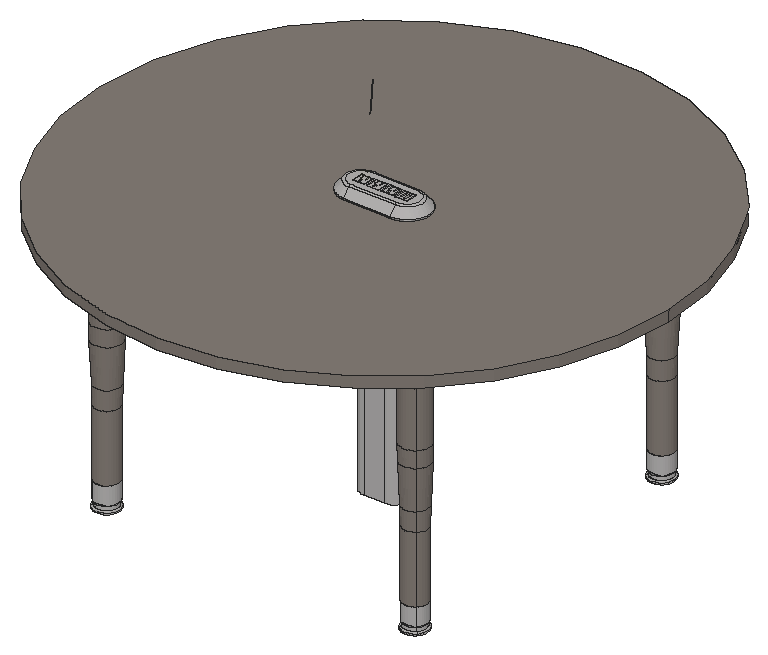
Revit family "Table-Teknion-Zones_ZNTWD-R2015", category Furniture, Revit 2015
Parameters (values of type "Table 54", with Power Pill")
  Width = 54"
  Warranty = "http://www.teknion.com/ca/papers/legal-canada"
  Voltage [instance] = if(and(not(With Center Light), not(With Power Pill)), 0 V, 120 V)  # 120 V
  URL = "http://www.teknion.com"
  Table Top Finish [instance] = Veneer - Teknion - BR - Greystone Beech
  Table Leg Wood Finish [instance] = Veneer - Teknion - BR - Greystone Beech
  Table Lamp Finish [instance] = Seamless Paint - Teknion - 25 - Crisp Grey
  Table Frame Finish [instance] = Seamless Paint - Teknion - 25 - Crisp Grey
  Table Diameter = 54"
  Sustainability Data = "http://www.teknion.com/ca/tools/assets#&asset=444deb64-fe58-4b68-981e-f75e97781df7,b4ff2d81-9f2e-437d-9659-7cffb09c31cf"
  Series = "Zones"
  Product Page URL = "http://www.teknion.com/pricing/Zones/pdfs/ZNTWD_ppg.pdf"
  Product Line = "Zones"
  Product Documentation Link = "http://www.teknion.com/ca/products/product-details?productLineId=b28c7a6e-8e7a-673b-a6c8-ff64004460c4"
  Power Pill Two Power Two USB Modules [instance] = no
  Power Pill Finish [instance] = Seamless Paint - Teknion - 25 - Crisp Grey
  With Power Pill = yes
  Part Number = "ZNTWD"
  Number of Poles = 1
  Model = "ZNTWD54P"
  Manufacturer Phone = "416-661-3370"
  Manufacturer Fax = "416.661.4586"
  Manufacturer Contact Information = "http://www.teknion.com/ca/contactus"
  Manufacturer Address = "1150 Flint Road, Toronto, ON. M3J 2J5. Canada"
  Manufacturer = "Teknion"  # constant formula
  With Center Light = no
  Height = 25"
  Description = "Round Dialogue Workshop Table, 54\"dia, with Center Pill Cut-Out"
  Depth = 54"
  Connector Description [instance] = if(and(not(With Center Light), not(With Power Pill)), "Without Power Connector", "Power Connector")  # "Power Connector"
  Cable Manager Visibility [instance] = and(or(With Power Pill, With Center Light), Cable Manager)  # yes
  Cable Manager [instance] = yes
  Assembly Code = "E2020200"
  Apparent Load [instance] = if(With Center Light, 21 VA, 0 VA)  # 0 VA
Reference planes (in)
  plane 1 "Center (Front/Back)": y = 0
  plane 2 "Bottom": z = 0
  plane 3 "Center (Left/Right)": x = 0
  plane 4 "Frame Left": x = -14.62964
  plane 5 "Frame Right": x = 14.62964
  plane 6 "Frame Back": y = 14.62695
  plane 7 "Frame Front": y = -14.62695
  plane 8 "Top": z = 25
  plane 9 "Frame": z = 24
  plane 10: y = 27
  plane 11: y = -27
  plane 12: x = -27
  plane 13: x = 27
Forms (in)
  Sweep 1, solid, material "Veneer - Teknion - BR - Greystone Beech" <- "Table Top Finish"
    path origin (0, 0, -4) x (1, 0, 0) y (0, 0, 1)
      loop
        line (0, 28) -> (0, 29)
    profile origin (0, 0, 24.5) x (-1, 0, 0) y (0, -1, 0)
      loop
        circle (0, 0) r 27
  Extrusion 2, void
    sketch origin (0, 0, 0) x (1, 0, 0) y (0, 1, 0)
      loop
        circle (0, 0) r 0.25
    from 0 to 0.5
Lines and regions (in)
  Masking region 1
    outline origin (0, 0, 25) x (-1, 0, 0) y (0, -1, 0)
      loop
        circle (0, 0) r 27
Dimensions and locks (in)
  equal spacing: plane 4 "Frame Left", plane 3 "Center (Left/Right)", plane 5 "Frame Right"
  equal spacing: plane 6 "Frame Back", plane 1 "Center (Front/Back)", plane 7 "Frame Front"
  "Height": plane 8 "Top" to plane 2 "Bottom"
  "Width": plane 12 to plane 13
  "Depth": plane 10 to plane 11
  equal spacing: plane 12, plane 3 "Center (Left/Right)", plane 13
  equal spacing: plane 10, plane 1 "Center (Front/Back)", plane 11
  locked: Sweep 1 to plane 2 "Bottom" at 24
  locked: Extrusion 2 to plane 2 "Bottom" at 0.5
  "Table Diameter": diameter of Sweep 1 sketch curve
  "Table Diameter": diameter of Masking region 1 sketch curve
  aligned and locked: level to plane 2 "Bottom"
  aligned and locked: plane 3 "Center (Left/Right)" to Sweep 1 sketch curve
  aligned and locked: plane 8 "Top" to Sweep 1 sketch curve
  aligned and locked: plane 9 "Frame" to Sweep 1 sketch curve
  aligned and locked: plane 1 "Center (Front/Back)" to Sweep 1 sketch curve
  aligned and locked: plane 3 "Center (Left/Right)" to nested 1
  aligned and locked: plane 1 "Center (Front/Back)" to nested 1
  aligned and locked: plane 3 "Center (Left/Right)" to nested 2
  aligned and locked: plane 1 "Center (Front/Back)" to nested 2
  aligned and locked: nested 1 to plane 8 "Top"
  aligned and locked: nested 3 to plane 1 "Center (Front/Back)"
  aligned and locked: plane 3 "Center (Left/Right)" to nested 3
  aligned and locked: plane 1 "Center (Front/Back)" to Extrusion 2 sketch curve
  aligned and locked: plane 3 "Center (Left/Right)" to Extrusion 2 sketch curve
  aligned and locked: Extrusion 2 to plane 2 "Bottom"
  aligned and locked: plane 8 "Top" to nested 2
  aligned and locked: plane 3 "Center (Left/Right)" to nested 4
  aligned and locked: nested 4 to plane 1 "Center (Front/Back)"
  aligned and locked: plane 9 "Frame" to nested 4
  aligned and locked: nested 4 to plane 2 "Bottom"
  aligned and locked: nested 4 to nested 4
  aligned and locked: plane 3 "Center (Left/Right)" to Masking region 1 sketch curve
  aligned and locked: plane 1 "Center (Front/Back)" to Masking region 1 sketch curve
  aligned and locked: plane 9 "Frame" to nested 3
  aligned and locked: plane 2 "Bottom" to nested 3
  aligned and locked: plane 6 "Frame Back" to nested 4
Automatic sketch dimensions
  Sweep 1 sketch curve to profile plane = 0"
  radius of Extrusion 2 sketch curve = 1/4"
Nested families (in)
  nested 1: "Accessory-Power_Pill-Teknion-Zones_ZNEP_Four_Modules-R2013" at (0, 0, 25), visible <- "With Power Pill", Power Pill Finish <- "Power Pill Finish", LA Modules <- "Power Pill Two Power Two USB Modules", type "4 Modules Power Pill"
    with Power Pill Finish Seamless Paint - Teknion - 25 - Crisp Grey, Outlet Offset 0", LB Modules yes, LA Modules no, Item Code "ZNEPLB120"
  nested 2: "Lighting_Fixture-Table_Lamp-Teknion-Zones_ZNETL-R2013" at (0, 0, 23.875), visible <- "With Center Light", Table Lamp Finish <- "Table Lamp Finish", type "Table Lamp"
    with Through-Mount no, Table Runner Offset 1 1/8", Table Runner yes, Table Lamp Finish Seamless Paint - Teknion - 25 - Crisp Grey, Item Code "ZNETL1"
  nested 3: "Table-Cable_Manager-Teknion-Zones_ZNEC-R2013" at (0, 0, 0) x (0, 1, 0) z (0, 0, 1), visible <- "Cable Manager Visibility", type "Cable Manager"
    with Square or Round Workshop yes, Rectangular Workshop no, Item Code "ZNECTS", Height 24"
  nested 4: "Support-Frame-Teknion-Zones_ZNTW-R2015" at (0, 0, 0), Table Frame Finish <- "Table Frame Finish", Table Leg Wood Finish <- "Table Leg Wood Finish", type "Frame 54""
    with Table Frame Finish Seamless Paint - Teknion - 25 - Crisp Grey
Connectors (in)
  electrical at (0, 0, 0), driven by "Voltage", driven by "Apparent Load", driven by "Connector Description", driven by "Number of Poles"
    settings: on Extrusion 2, index 1, voltage 120 V, apparent load 0 VA, apparent load phase1 0 VA, apparent load phase2 0 VA, apparent load phase3 0 VA, power factor 1, load classification "Other", number of poles 1, system type 31, power factor state 1, is connector primary yes, connector utility no, sub classification motor no, connector description "Power Connector"
Definition of nested family "Accessory-Power_Pill-Teknion-Zones_ZNEP_Four_Modules-R2013"
  Parameters (values of type "4 Modules Power Pill")
    Width = 8.53"
    Warranty = "http://www.teknion.com/ca/papers/legal-canada"
    URL = "http://www.teknion.com"
    Sustainability Data = "http://www.teknion.com/ca/tools/assets#&asset=444deb64-fe58-4b68-981e-f75e97781df7,b4ff2d81-9f2e-437d-9659-7cffb09c31cf"
    Series = "Zones"
    Product Page URL = "http://www.teknion.com/products/product-details?productLineId=b28c7a6e-8e7a-673b-a6c8-ff64004460c4"
    Product Line = "Zones"
    Product Documentation Link = "http://www.teknion.com/pricing/Zones/pdfs/ZNEP_ppg.pdf"
    Power Pill Finish [instance] = none
    Part Number = "ZNEP"
    Outlet Offset [instance] = if(LA Modules, 1.076", 0")  # 1.076"
    Model = "See Item Code"
    Manufacturer Phone = "416-661-3370"
    Manufacturer Fax = "416.661.4586"
    Manufacturer Contact Information = "http://www.teknion.com/ca/contactus"
    Manufacturer Address = "1150 Flint Road, Toronto, ON. M3J 2J5. Canada"
    Manufacturer = "Teknion"  # constant formula
    LB Modules [instance] = not(LA Modules)  # no
    LA Modules [instance] = yes
    Item Code [instance] = if(LA Modules, "ZNEPLA120", "ZNEPLB120")  # "ZNEPLA120"
    Height = 2.302"
    Description = "Power Pill, Four Modules, 120in Length Of Cord"
    Depth = 4.13"
    Cap Height = 0.92703"
    Auxiliary Width = Width - Depth  # 4.4"
    Assembly Code = "E2020200"
  Reference planes (in)
    plane 1 "Center F/B": y = 0
    plane 2: z = 0
    plane 3 "Center L/R": x = 0
    plane 4 "Left": x = -4.265
    plane 5 "Right": x = 4.265
    plane 6 "Back": y = 2.065
    plane 7 "Front": y = -2.065
    plane 8 "Top": z = 0.92703
    plane 9 "Bottom": z = -1.37497
    plane 10: x = -2.2
    plane 11: x = 2.2
    plane 12: y = 1.076
  Forms (in)
    Sweep 1, solid, material <- "Power Pill Finish"
      path origin (0, 0, 0) x (1, 0, 0) y (0, 0, 1)
        loop
          line (0, 0.92703) -> (0, 0)
      profile origin (0, 0, 0.46351) x (0, -1, 0) y (1, 0, 0)
        loop
          arc (-1.18092, -2.2) -> (0, -3.38092) -> (1.18092, -2.2) r 1.18092
          line (1.18092, -2.2) -> (1.18092, 2.2)
          arc (1.18092, 2.2) -> (0, 3.38092) -> (-1.18092, 2.2) r 1.18092
          line (-1.18092, 2.2) -> (-1.18092, -2.2)
    Sweep 2, solid, material <- "Power Pill Finish"
      path origin (0, 0, 0) x (1, 0, 0) y (0, 1, 0)
        loop
          line (2.2, 1.18092) -> (-2.2, 1.18092)
          arc (-2.2, 1.18092) -> (-3.38092, 0) -> (-2.2, -1.18092) r 1.18092
          line (-2.2, -1.18092) -> (2.2, -1.18092)
          arc (2.2, -1.18092) -> (3.38092, 0) -> (2.2, 1.18092) r 1.18092
      profile origin (0, 1.18092, 0) x (0, -1, 0) y (0, 0, 1)
        loop
          arc (-0.86961, 0.06433) -> (-0.8751, 0.02261) -> (-0.83962, 0) r 0.03916
          line (-0.83962, 0) -> (0, 0) -> (0, 0.92703)
          arc (0, 0.92703) -> (-0.13207, 0.89775) -> (-0.23939, 0.8154) r 0.3125
          line (-0.23939, 0.8154) -> (-0.86961, 0.06433)
    Sweep 3, void
      path origin (0, 0, 0) x (1, 0, 0) y (0, 0, 1)
        loop
          line (0, 0.92703) -> (0, 0.73803)
      profile origin (0, 0, 0.83253) x (0, -1, 0) y (1, 0, 0)
        loop
          arc (-0.55849, -2.55849) -> (-0.55117, -2.57617) -> (-0.53349, -2.58349) r 0.025
          line (-0.53349, -2.58349) -> (0.53349, -2.58349)
          arc (0.53349, -2.58349) -> (0.55117, -2.57617) -> (0.55849, -2.55849) r 0.025
          line (0.55849, -2.55849) -> (0.55849, -1.49151)
          arc (0.55849, -1.49151) -> (0.55117, -1.47383) -> (0.53349, -1.46651) r 0.025
          line (0.53349, -1.46651) -> (-0.53349, -1.46651)
          arc (-0.53349, -1.46651) -> (-0.55117, -1.47383) -> (-0.55849, -1.49151) r 0.025
          line (-0.55849, -1.49151) -> (-0.55849, -2.55849)
        loop
          arc (-0.55849, -1.20849) -> (-0.55117, -1.22617) -> (-0.53349, -1.23349) r 0.025
          line (-0.53349, -1.23349) -> (0.53349, -1.23349)
          arc (0.53349, -1.23349) -> (0.55117, -1.22617) -> (0.55849, -1.20849) r 0.025
          line (0.55849, -1.20849) -> (0.55849, -0.14151)
          arc (0.55849, -0.14151) -> (0.55117, -0.12383) -> (0.53349, -0.11651) r 0.025
          line (0.53349, -0.11651) -> (-0.53349, -0.11651)
          arc (-0.53349, -0.11651) -> (-0.55117, -0.12383) -> (-0.55849, -0.14151) r 0.025
          line (-0.55849, -0.14151) -> (-0.55849, -1.20849)
        loop
          arc (-0.55849, 0.14151) -> (-0.55117, 0.12383) -> (-0.53349, 0.11651) r 0.025
          line (-0.53349, 0.11651) -> (0.53349, 0.11651)
          arc (0.53349, 0.11651) -> (0.55117, 0.12383) -> (0.55849, 0.14151) r 0.025
          line (0.55849, 0.14151) -> (0.55849, 1.20849)
          arc (0.55849, 1.20849) -> (0.55117, 1.22617) -> (0.53349, 1.23349) r 0.025
          line (0.53349, 1.23349) -> (-0.53349, 1.23349)
          arc (-0.53349, 1.23349) -> (-0.55117, 1.22617) -> (-0.55849, 1.20849) r 0.025
          line (-0.55849, 1.20849) -> (-0.55849, 0.14151)
        loop
          arc (-0.55849, 1.49151) -> (-0.55117, 1.47383) -> (-0.53349, 1.46651) r 0.025
          line (-0.53349, 1.46651) -> (0.53349, 1.46651)
          arc (0.53349, 1.46651) -> (0.55117, 1.47383) -> (0.55849, 1.49151) r 0.025
          line (0.55849, 1.49151) -> (0.55849, 2.55849)
          arc (0.55849, 2.55849) -> (0.55117, 2.57617) -> (0.53349, 2.58349) r 0.025
          line (0.53349, 2.58349) -> (-0.53349, 2.58349)
          arc (-0.53349, 2.58349) -> (-0.55117, 2.57617) -> (-0.55849, 2.55849) r 0.025
          line (-0.55849, 2.55849) -> (-0.55849, 1.49151)
    Blend 4, solid, material <- "Power Pill Finish"
      base sketch origin (0, 0, 0) x (1, 0, 0) y (0, 1, 0)
        loop
          arc (-2.57873, 1.39373) -> (-2.79086, 1.30586) -> (-2.87873, 1.09373) r 0.3
          line (-2.87873, 1.09373) -> (-2.87873, -1.09373)
          arc (-2.87873, -1.09373) -> (-2.79086, -1.30586) -> (-2.57873, -1.39373) r 0.3
          line (-2.57873, -1.39373) -> (2.57873, -1.39373)
          arc (2.57873, -1.39373) -> (2.79086, -1.30586) -> (2.87873, -1.09373) r 0.3
          line (2.87873, -1.09373) -> (2.87873, 1.09373)
          arc (2.87873, 1.09373) -> (2.79086, 1.30586) -> (2.57873, 1.39373) r 0.3
          line (2.57873, 1.39373) -> (-2.57873, 1.39373)
      top sketch origin (0, 0, 0) x (1, 0, 0) y (0, 1, 0)
        loop
          arc (2.94673, 1.09373) -> (2.83895, 1.35395) -> (2.57873, 1.46173) r 0.368
          line (2.57873, 1.46173) -> (-2.57873, 1.46173)
          arc (-2.57873, 1.46173) -> (-2.83895, 1.35395) -> (-2.94673, 1.09373) r 0.368
          line (-2.94673, 1.09373) -> (-2.94673, -1.09373)
          arc (-2.94673, -1.09373) -> (-2.83895, -1.35395) -> (-2.57873, -1.46173) r 0.368
          line (-2.57873, -1.46173) -> (2.57873, -1.46173)
          arc (2.57873, -1.46173) -> (2.83895, -1.35395) -> (2.94673, -1.09373) r 0.368
          line (2.94673, -1.09373) -> (2.94673, 1.09373)
      from -1.37497 to 0.61534
    Sweep 5, void
      path origin (0, 0, 0) x (0, 1, 0) y (0, 0, 1)
        loop
          line (0, -1.12497) -> (0, -1.37497)
      profile origin (0, 0, -1.24997) x (1, 0, 0) y (0, 1, 0)
        loop
          arc (-0.33, -0.17812) -> (0, -0.375) -> (0.33, -0.17812) r 0.375
          line (0.33, -0.17812) -> (0.33, 0.17812)
          arc (0.33, 0.17812) -> (0, 0.375) -> (-0.33, 0.17812) r 0.375
          line (-0.33, 0.17812) -> (-0.33, -0.17812)
    Sweep 6, solid, material <- "Power Pill Finish"
      path origin (0, 0, 0) x (1, 0, 0) y (0, 0, 1)
        loop
          line (0, 0.92703) -> (0, 0.73803)
      profile origin (0, 0, 0.83253) x (0, -1, 0) y (1, 0, 0)
        loop
          line (-0.525, -1.5398) -> (-0.525, -2.5102)
          arc (-0.525, -2.5102) -> (-0.51328, -2.53848) -> (-0.485, -2.5502) r 0.04
          line (-0.485, -2.5502) -> (0.485, -2.5502)
          arc (0.485, -2.5502) -> (0.51328, -2.53848) -> (0.525, -2.5102) r 0.04
          line (0.525, -2.5102) -> (0.525, -1.5398)
          arc (0.525, -1.5398) -> (0.51328, -1.51152) -> (0.485, -1.4998) r 0.04
          line (0.485, -1.4998) -> (-0.485, -1.4998)
          arc (-0.485, -1.4998) -> (-0.51328, -1.51152) -> (-0.525, -1.5398) r 0.04
        loop
          line (-0.525, -0.18153) -> (-0.525, -1.16846)
          arc (-0.525, -1.16846) -> (-0.51328, -1.19675) -> (-0.485, -1.20846) r 0.04
          line (-0.485, -1.20846) -> (0.485, -1.20846)
          arc (0.485, -1.20846) -> (0.51328, -1.19675) -> (0.525, -1.16846) r 0.04
          line (0.525, -1.16846) -> (0.525, -0.18153)
          arc (0.525, -0.18153) -> (0.51328, -0.15325) -> (0.485, -0.14153) r 0.04
          line (0.485, -0.14153) -> (-0.485, -0.14153)
          arc (-0.485, -0.14153) -> (-0.51328, -0.15325) -> (-0.525, -0.18153) r 0.04
        loop
          line (0.525, 0.18154) -> (0.525, 1.16847)
          arc (0.525, 1.16847) -> (0.51328, 1.19675) -> (0.485, 1.20847) r 0.04
          line (0.485, 1.20847) -> (-0.485, 1.20847)
          arc (-0.485, 1.20847) -> (-0.51328, 1.19675) -> (-0.525, 1.16847) r 0.04
          line (-0.525, 1.16847) -> (-0.525, 0.18154)
          arc (-0.525, 0.18154) -> (-0.51328, 0.15325) -> (-0.485, 0.14154) r 0.04
          line (-0.485, 0.14154) -> (0.485, 0.14154)
          arc (0.485, 0.14154) -> (0.51328, 0.15325) -> (0.525, 0.18154) r 0.04
        loop
          line (-0.525, 2.5102) -> (-0.525, 1.5398)
          arc (-0.525, 1.5398) -> (-0.51328, 1.51152) -> (-0.485, 1.4998) r 0.04
          line (-0.485, 1.4998) -> (0.485, 1.4998)
          arc (0.485, 1.4998) -> (0.51328, 1.51152) -> (0.525, 1.5398) r 0.04
          line (0.525, 1.5398) -> (0.525, 2.5102)
          arc (0.525, 2.5102) -> (0.51328, 2.53848) -> (0.485, 2.5502) r 0.04
          line (0.485, 2.5502) -> (-0.485, 2.5502)
          arc (-0.485, 2.5502) -> (-0.51328, 2.53848) -> (-0.525, 2.5102) r 0.04
    Sweep 7, void
      path origin (0, 0, 0) x (1, 0, 0) y (0, 0, 1)
        loop
          line (0, 0.92703) -> (0, 0)
      profile origin (0, 0, 0.46351) x (0, -1, 0) y (1, 0, 0)
        loop
          line (-1.47143, -0.95886) -> (-1.12261, -0.95886) -> (-1.12261, -0.88681) -> (-1.47143, -0.88681) -> (-1.47143, -0.95886)
        loop
          line (-1.43206, -0.40768) -> (-1.43206, -0.47972) -> (-1.16198, -0.47972) -> (-1.16198, -0.40768) -> (-1.43206, -0.40768)
        loop
          line (-0.72261, -0.78681) -> (-0.72261, -0.57972) -> (-0.82615, -0.57972)
          arc (-0.82615, -0.57972) -> (-0.92969, -0.68327) -> (-0.82615, -0.78681) r 0.10354
          line (-0.82615, -0.78681) -> (-0.72261, -0.78681)
        loop
          line (-1.47143, 0.39114) -> (-1.12261, 0.39114) -> (-1.12261, 0.46319) -> (-1.47143, 0.46319) -> (-1.47143, 0.39114)
        loop
          line (-1.43206, 0.94232) -> (-1.43206, 0.87028) -> (-1.16198, 0.87028) -> (-1.16198, 0.94232) -> (-1.43206, 0.94232)
        loop
          line (-0.72261, 0.56319) -> (-0.72261, 0.77028) -> (-0.82615, 0.77028)
          arc (-0.82615, 0.77028) -> (-0.92969, 0.66673) -> (-0.82615, 0.56319) r 0.10354
          line (-0.82615, 0.56319) -> (-0.72261, 0.56319)
        loop
          line (-0.81346, 1.95906) -> (-1.33117, 1.95906) -> (-1.33117, 1.73662) -> (-0.81346, 1.73662) -> (-0.81346, 1.95906)
        loop
          line (-1.33117, 2.31339) -> (-1.33117, 2.09095) -> (-0.81346, 2.09095) -> (-0.81346, 2.31339) -> (-1.33117, 2.31339)
        loop
          line (-0.39543, -2.22991) -> (-0.39543, -2.30196) -> (-0.04661, -2.30196) -> (-0.04661, -2.22991) -> (-0.39543, -2.22991)
        loop
          line (-0.35606, -1.82282) -> (-0.08598, -1.82282) -> (-0.08598, -1.75078) -> (-0.35606, -1.75078) -> (-0.35606, -1.82282)
        loop
          line (0.35339, -2.12991) -> (0.35339, -1.92282) -> (0.24985, -1.92282)
          arc (0.24985, -1.92282) -> (0.14631, -2.02637) -> (0.24985, -2.12991) r 0.10354
          line (0.24985, -2.12991) -> (0.35339, -2.12991)
        loop
          line (-0.25517, -0.74231) -> (-0.25517, -0.96475) -> (0.26254, -0.96475) -> (0.26254, -0.74231) -> (-0.25517, -0.74231)
        loop
          line (-0.25517, -0.38798) -> (-0.25517, -0.61042) -> (0.26254, -0.61042) -> (0.26254, -0.38798) -> (-0.25517, -0.38798)
        loop
          line (0.26254, 0.60769) -> (-0.25517, 0.60769) -> (-0.25517, 0.38525) -> (0.26254, 0.38525) -> (0.26254, 0.60769)
        loop
          line (0.26254, 0.73958) -> (0.26254, 0.96202) -> (-0.25517, 0.96202) -> (-0.25517, 0.73958) -> (0.26254, 0.73958)
        loop
          line (-0.39543, 1.81182) -> (-0.39543, 1.73978) -> (-0.04661, 1.73978) -> (-0.04661, 1.81182) -> (-0.39543, 1.81182)
        loop
          line (-0.35606, 2.29096) -> (-0.35606, 2.21891) -> (-0.08598, 2.21891) -> (-0.08598, 2.29096) -> (-0.35606, 2.29096)
        loop
          line (0.35339, 1.91182) -> (0.35339, 2.11891) -> (0.24985, 2.11891)
          arc (0.24985, 2.11891) -> (0.14631, 2.01537) -> (0.24985, 1.91182) r 0.10354
          line (0.24985, 1.91182) -> (0.35339, 1.91182)
  Cuts and joins
    Sweep 3 cuts Sweep 1
    Sweep 3 cuts Sweep 2
    Sweep 5 cuts Blend 4
    joined: Sweep 1, Sweep 2, Blend 4
    Sweep 7 cuts Sweep 6
  Lines and regions (in)
    Masking region 1
      outline origin (0, 0, 0.92703) x (-1, 0, 0) y (0, -1, 0)
        loop
          arc (2.2, -2.065) -> (4.265, 0) -> (2.2, 2.065) r 2.065
          line (2.2, 2.065) -> (-2.2, 2.065)
          arc (-2.2, 2.065) -> (-4.265, 0) -> (-2.2, -2.065) r 2.065
          line (-2.2, -2.065) -> (2.2, -2.065)
    symbolic lines
      curve 1: line (-1.49151, 0.55849, 0.92703) -> (-2.55849, 0.55849, 0.92703)
      curve 2: arc (-2.55849, 0.55849, 0.92703) -> (-2.57617, 0.55117, 0.92703) -> (-2.58349, 0.53349, 0.92703) r 0.025
      curve 3: line (-2.58349, 0.53349, 0.92703) -> (-2.58349, -0.53349, 0.92703)
      curve 4: arc (-2.58349, -0.53349, 0.92703) -> (-2.57617, -0.55117, 0.92703) -> (-2.55849, -0.55849, 0.92703) r 0.025
      curve 5: line (-2.55849, -0.55849, 0.92703) -> (-1.49151, -0.55849, 0.92703)
      curve 6: arc (-1.49151, -0.55849, 0.92703) -> (-1.47383, -0.55117, 0.92703) -> (-1.46651, -0.53349, 0.92703) r 0.025
      curve 7: line (-1.46651, -0.53349, 0.92703) -> (-1.46651, 0.53349, 0.92703)
      curve 8: arc (-1.46651, 0.53349, 0.92703) -> (-1.47383, 0.55117, 0.92703) -> (-1.49151, 0.55849, 0.92703) r 0.025
      curve 9: line (-0.14151, 0.55849, 0.92703) -> (-1.20849, 0.55849, 0.92703)
      curve 10: arc (-1.20849, 0.55849, 0.92703) -> (-1.22617, 0.55117, 0.92703) -> (-1.23349, 0.53349, 0.92703) r 0.025
      curve 11: line (-1.23349, 0.53349, 0.92703) -> (-1.23349, -0.53349, 0.92703)
      curve 12: arc (-1.23349, -0.53349, 0.92703) -> (-1.22617, -0.55117, 0.92703) -> (-1.20849, -0.55849, 0.92703) r 0.025
      curve 13: line (-1.20849, -0.55849, 0.92703) -> (-0.14151, -0.55849, 0.92703)
      curve 14: arc (-0.14151, -0.55849, 0.92703) -> (-0.12383, -0.55117, 0.92703) -> (-0.11651, -0.53349, 0.92703) r 0.025
      curve 15: line (-0.11651, -0.53349, 0.92703) -> (-0.11651, 0.53349, 0.92703)
      curve 16: arc (-0.11651, 0.53349, 0.92703) -> (-0.12383, 0.55117, 0.92703) -> (-0.14151, 0.55849, 0.92703) r 0.025
      curve 17: line (1.20849, 0.55849, 0.92703) -> (0.14151, 0.55849, 0.92703)
      curve 18: arc (0.14151, 0.55849, 0.92703) -> (0.12383, 0.55117, 0.92703) -> (0.11651, 0.53349, 0.92703) r 0.025
      curve 19: line (0.11651, 0.53349, 0.92703) -> (0.11651, -0.53349, 0.92703)
      curve 20: arc (0.11651, -0.53349, 0.92703) -> (0.12383, -0.55117, 0.92703) -> (0.14151, -0.55849, 0.92703) r 0.025
      curve 21: line (0.14151, -0.55849, 0.92703) -> (1.20849, -0.55849, 0.92703)
      curve 22: arc (1.20849, -0.55849, 0.92703) -> (1.22617, -0.55117, 0.92703) -> (1.23349, -0.53349, 0.92703) r 0.025
      curve 23: line (1.23349, -0.53349, 0.92703) -> (1.23349, 0.53349, 0.92703)
      curve 24: arc (1.23349, 0.53349, 0.92703) -> (1.22617, 0.55117, 0.92703) -> (1.20849, 0.55849, 0.92703) r 0.025
      curve 25: line (2.55849, 0.55849, 0.92703) -> (1.49151, 0.55849, 0.92703)
      curve 26: arc (1.49151, 0.55849, 0.92703) -> (1.47383, 0.55117, 0.92703) -> (1.46651, 0.53349, 0.92703) r 0.025
      curve 27: line (1.46651, 0.53349, 0.92703) -> (1.46651, -0.53349, 0.92703)
      curve 28: arc (1.46651, -0.53349, 0.92703) -> (1.47383, -0.55117, 0.92703) -> (1.49151, -0.55849, 0.92703) r 0.025
      curve 29: line (1.49151, -0.55849, 0.92703) -> (2.55849, -0.55849, 0.92703)
      curve 30: arc (2.55849, -0.55849, 0.92703) -> (2.57617, -0.55117, 0.92703) -> (2.58349, -0.53349, 0.92703) r 0.025
      curve 31: line (2.58349, -0.53349, 0.92703) -> (2.58349, 0.53349, 0.92703)
      curve 32: arc (2.58349, 0.53349, 0.92703) -> (2.57617, 0.55117, 0.92703) -> (2.55849, 0.55849, 0.92703) r 0.025
    symbolic lines, detail levels medium+fine
      curve 33: arc (-2.2, 1.181, 0.92703) -> (-3.381, 0, 0.92703) -> (-2.2, -1.181, 0.92703) r 1.181
      curve 34: line (-2.2, 1.181, 0.92703) -> (2.2, 1.181, 0.92703)
      curve 35: line (-2.2, -1.181, 0.92703) -> (2.2, -1.181, 0.92703)
      curve 36: arc (2.2, 1.181, 0.92703) -> (3.381, 0, 0.92703) -> (2.2, -1.181, 0.92703) r 1.181
    symbolic lines, detail levels fine
      curve 37: line (-2.22991, 0.39543, 0.92703) -> (-2.30196, 0.39543, 0.92703)
      curve 38: line (-2.30196, 0.39543, 0.92703) -> (-2.30196, 0.04661, 0.92703)
      curve 39: line (-2.22991, 0.04661, 0.92703) -> (-2.22991, 0.39543, 0.92703)
      curve 40: line (-2.30196, 0.04661, 0.92703) -> (-2.22991, 0.04661, 0.92703)
      curve 41: line (-2.12991, -0.35339, 0.92703) -> (-1.92282, -0.35339, 0.92703)
      curve 42: line (-2.12991, -0.24985, 0.92703) -> (-2.12991, -0.35339, 0.92703)
      curve 43: line (-1.92282, -0.35339, 0.92703) -> (-1.92282, -0.24985, 0.92703)
      curve 44: arc (-1.92282, -0.24985, 0.92703) -> (-2.02637, -0.14631, 0.92703) -> (-2.12991, -0.24985, 0.92703) r 0.10354
      curve 45: line (-1.82282, 0.08598, 0.92703) -> (-1.75078, 0.08598, 0.92703)
      curve 46: line (-1.82282, 0.35606, 0.92703) -> (-1.82282, 0.08598, 0.92703)
      curve 47: line (-1.75078, 0.35606, 0.92703) -> (-1.82282, 0.35606, 0.92703)
      curve 48: line (-1.75078, 0.08598, 0.92703) -> (-1.75078, 0.35606, 0.92703)
      curve 109: line (-1.5398, 0.525, 0.92703) -> (-2.5102, 0.525, 0.92703)
      curve 110: arc (-1.4998, 0.485, 0.92703) -> (-1.51152, 0.51328, 0.92703) -> (-1.5398, 0.525, 0.92703) r 0.04
      curve 111: line (-1.4998, -0.485, 0.92703) -> (-1.4998, 0.485, 0.92703)
      curve 112: arc (-1.5398, -0.525, 0.92703) -> (-1.51152, -0.51328, 0.92703) -> (-1.4998, -0.485, 0.92703) r 0.04
      curve 113: line (-2.5102, -0.525, 0.92703) -> (-1.5398, -0.525, 0.92703)
      curve 114: arc (-2.5502, -0.485, 0.92703) -> (-2.53848, -0.51328, 0.92703) -> (-2.5102, -0.525, 0.92703) r 0.04
      curve 115: line (-2.5502, 0.485, 0.92703) -> (-2.5502, -0.485, 0.92703)
      curve 116: arc (-2.5102, 0.525, 0.92703) -> (-2.53848, 0.51328, 0.92703) -> (-2.5502, 0.485, 0.92703) r 0.04
      curve 117: arc (-1.16846, 0.525, 0.92703) -> (-1.19675, 0.51328, 0.92703) -> (-1.20846, 0.485, 0.92703) r 0.04
      curve 118: line (-0.18153, 0.525, 0.92703) -> (-1.16846, 0.525, 0.92703)
      curve 119: line (-1.20846, 0.485, 0.92703) -> (-1.20846, -0.485, 0.92703)
      curve 120: arc (-0.14153, 0.485, 0.92703) -> (-0.15325, 0.51328, 0.92703) -> (-0.18153, 0.525, 0.92703) r 0.04
      curve 121: arc (-1.20846, -0.485, 0.92703) -> (-1.19675, -0.51328, 0.92703) -> (-1.16846, -0.525, 0.92703) r 0.04
      curve 122: line (-1.16846, -0.525, 0.92703) -> (-0.18153, -0.525, 0.92703)
      curve 123: arc (-0.18153, -0.525, 0.92703) -> (-0.15325, -0.51328, 0.92703) -> (-0.14153, -0.485, 0.92703) r 0.04
      curve 124: line (-0.14153, -0.485, 0.92703) -> (-0.14153, 0.485, 0.92703)
      curve 125: arc (0.18154, 0.525, 0.92703) -> (0.15325, 0.51328, 0.92703) -> (0.14154, 0.485, 0.92703) r 0.04
      curve 126: line (1.16847, 0.525, 0.92703) -> (0.18154, 0.525, 0.92703)
      curve 127: arc (1.20847, 0.485, 0.92703) -> (1.19675, 0.51328, 0.92703) -> (1.16847, 0.525, 0.92703) r 0.04
      curve 128: line (1.20847, -0.485, 0.92703) -> (1.20847, 0.485, 0.92703)
      curve 129: arc (1.16847, -0.525, 0.92703) -> (1.19675, -0.51328, 0.92703) -> (1.20847, -0.485, 0.92703) r 0.04
      curve 130: line (0.18154, -0.525, 0.92703) -> (1.16847, -0.525, 0.92703)
      curve 131: arc (0.14154, -0.485, 0.92703) -> (0.15325, -0.51328, 0.92703) -> (0.18154, -0.525, 0.92703) r 0.04
      curve 132: line (0.14154, 0.485, 0.92703) -> (0.14154, -0.485, 0.92703)
      curve 133: arc (1.5398, 0.525, 0.92703) -> (1.51152, 0.51328, 0.92703) -> (1.4998, 0.485, 0.92703) r 0.04
      curve 134: line (2.5102, 0.525, 0.92703) -> (1.5398, 0.525, 0.92703)
      curve 135: arc (2.5502, 0.485, 0.92703) -> (2.53848, 0.51328, 0.92703) -> (2.5102, 0.525, 0.92703) r 0.04
      curve 136: line (2.5502, -0.485, 0.92703) -> (2.5502, 0.485, 0.92703)
      curve 137: arc (2.5102, -0.525, 0.92703) -> (2.53848, -0.51328, 0.92703) -> (2.5502, -0.485, 0.92703) r 0.04
      curve 138: line (1.5398, -0.525, 0.92703) -> (2.5102, -0.525, 0.92703)
      curve 139: arc (1.4998, -0.485, 0.92703) -> (1.51152, -0.51328, 0.92703) -> (1.5398, -0.525, 0.92703) r 0.04
      curve 140: line (1.4998, 0.485, 0.92703) -> (1.4998, -0.485, 0.92703)
    symbolic lines, visible <- "LA Modules", detail levels fine
      curve 49: line (-0.96475, -0.26254, 0.92703) -> (-0.74231, -0.26254, 0.92703)
      curve 50: line (-0.96475, 0.25517, 0.92703) -> (-0.96475, -0.26254, 0.92703)
      curve 51: line (-0.74231, 0.25517, 0.92703) -> (-0.96475, 0.25517, 0.92703)
      curve 52: line (-0.74231, -0.26254, 0.92703) -> (-0.74231, 0.25517, 0.92703)
      curve 53: line (-0.61042, 0.25517, 0.92703) -> (-0.61042, -0.26254, 0.92703)
      curve 54: line (-0.38798, 0.25517, 0.92703) -> (-0.61042, 0.25517, 0.92703)
      curve 55: line (-0.38798, -0.26254, 0.92703) -> (-0.38798, 0.25517, 0.92703)
      curve 56: line (-0.61042, -0.26254, 0.92703) -> (-0.38798, -0.26254, 0.92703)
      curve 57: line (0.38525, -0.26254, 0.92703) -> (0.60769, -0.26254, 0.92703)
      curve 58: line (0.38525, 0.25517, 0.92703) -> (0.38525, -0.26254, 0.92703)
      curve 59: line (0.60769, -0.26254, 0.92703) -> (0.60769, 0.25517, 0.92703)
      curve 60: line (0.60769, 0.25517, 0.92703) -> (0.38525, 0.25517, 0.92703)
      curve 61: line (0.73958, 0.25517, 0.92703) -> (0.73958, -0.26254, 0.92703)
      curve 62: line (0.73958, -0.26254, 0.92703) -> (0.96202, -0.26254, 0.92703)
      curve 63: line (0.96202, -0.26254, 0.92703) -> (0.96202, 0.25517, 0.92703)
      curve 64: line (0.96202, 0.25517, 0.92703) -> (0.73958, 0.25517, 0.92703)
      curve 65: line (1.91182, -0.35339, 0.92703) -> (2.11891, -0.35339, 0.92703)
      curve 66: arc (2.11891, -0.24985, 0.92703) -> (2.01537, -0.14631, 0.92703) -> (1.91182, -0.24985, 0.92703) r 0.10354
      curve 67: line (2.11891, -0.35339, 0.92703) -> (2.11891, -0.24985, 0.92703)
      curve 68: line (1.91182, -0.24985, 0.92703) -> (1.91182, -0.35339, 0.92703)
      curve 69: line (1.73978, 0.04661, 0.92703) -> (1.81182, 0.04661, 0.92703)
      curve 70: line (1.81182, 0.04661, 0.92703) -> (1.81182, 0.39543, 0.92703)
      curve 71: line (1.73978, 0.39543, 0.92703) -> (1.73978, 0.04661, 0.92703)
      curve 72: line (1.81182, 0.39543, 0.92703) -> (1.73978, 0.39543, 0.92703)
      curve 73: line (2.21891, 0.08598, 0.92703) -> (2.29096, 0.08598, 0.92703)
      curve 74: line (2.29096, 0.08598, 0.92703) -> (2.29096, 0.35606, 0.92703)
      curve 75: line (2.29096, 0.35606, 0.92703) -> (2.21891, 0.35606, 0.92703)
      curve 76: line (2.21891, 0.35606, 0.92703) -> (2.21891, 0.08598, 0.92703)
    symbolic lines, visible <- "LB Modules", detail levels fine
      curve 77: line (-0.95886, 0.04661, 0.92703) -> (-0.88681, 0.04661, 0.92703)
      curve 78: line (-0.95886, 0.39543, 0.92703) -> (-0.95886, 0.04661, 0.92703)
      curve 79: line (-0.88681, 0.39543, 0.92703) -> (-0.95886, 0.39543, 0.92703)
      curve 80: line (-0.88681, 0.04661, 0.92703) -> (-0.88681, 0.39543, 0.92703)
      curve 81: line (-0.47972, 0.35606, 0.92703) -> (-0.47972, 0.08598, 0.92703)
      curve 82: line (-0.40768, 0.35606, 0.92703) -> (-0.47972, 0.35606, 0.92703)
      curve 83: line (-0.40768, 0.08598, 0.92703) -> (-0.40768, 0.35606, 0.92703)
      curve 84: line (-0.47972, 0.08598, 0.92703) -> (-0.40768, 0.08598, 0.92703)
      curve 85: arc (-0.57972, -0.24985, 0.92703) -> (-0.68327, -0.14631, 0.92703) -> (-0.78681, -0.24985, 0.92703) r 0.10354
      curve 86: line (-0.78681, -0.24985, 0.92703) -> (-0.78681, -0.35339, 0.92703)
      curve 87: line (-0.78681, -0.35339, 0.92703) -> (-0.57972, -0.35339, 0.92703)
      curve 88: line (-0.57972, -0.35339, 0.92703) -> (-0.57972, -0.24985, 0.92703)
      curve 89: line (0.39114, 0.04661, 0.92703) -> (0.46319, 0.04661, 0.92703)
      curve 90: line (0.39114, 0.39543, 0.92703) -> (0.39114, 0.04661, 0.92703)
      curve 91: line (0.46319, 0.39543, 0.92703) -> (0.39114, 0.39543, 0.92703)
      curve 92: line (0.46319, 0.04661, 0.92703) -> (0.46319, 0.39543, 0.92703)
      curve 93: arc (0.77028, -0.24985, 0.92703) -> (0.66673, -0.14631, 0.92703) -> (0.56319, -0.24985, 0.92703) r 0.10354
      curve 94: line (0.56319, -0.24985, 0.92703) -> (0.56319, -0.35339, 0.92703)
      curve 95: line (0.56319, -0.35339, 0.92703) -> (0.77028, -0.35339, 0.92703)
      curve 96: line (0.77028, -0.35339, 0.92703) -> (0.77028, -0.24985, 0.92703)
      curve 97: line (0.87028, 0.08598, 0.92703) -> (0.94232, 0.08598, 0.92703)
      curve 98: line (0.94232, 0.08598, 0.92703) -> (0.94232, 0.35606, 0.92703)
      curve 99: line (0.87028, 0.35606, 0.92703) -> (0.87028, 0.08598, 0.92703)
      curve 100: line (0.94232, 0.35606, 0.92703) -> (0.87028, 0.35606, 0.92703)
      curve 101: line (1.73662, -0.26254, 0.92703) -> (1.95906, -0.26254, 0.92703)
      curve 102: line (1.95906, -0.26254, 0.92703) -> (1.95906, 0.25517, 0.92703)
      curve 103: line (1.95906, 0.25517, 0.92703) -> (1.73662, 0.25517, 0.92703)
      curve 104: line (1.73662, 0.25517, 0.92703) -> (1.73662, -0.26254, 0.92703)
      curve 105: line (2.09095, 0.25517, 0.92703) -> (2.09095, -0.26254, 0.92703)
      curve 106: line (2.31339, 0.25517, 0.92703) -> (2.09095, 0.25517, 0.92703)
      curve 107: line (2.31339, -0.26254, 0.92703) -> (2.31339, 0.25517, 0.92703)
      curve 108: line (2.09095, -0.26254, 0.92703) -> (2.31339, -0.26254, 0.92703)
  Dimensions and locks (in)
    "Cap Height": plane 8 "Top" to plane 2
    equal spacing: plane 4 "Left", plane 3 "Center L/R", plane 5 "Right"
    "Width": plane 4 "Left" to plane 5 "Right"
    equal spacing: plane 6 "Back", plane 1 "Center F/B", plane 7 "Front"
    "Depth": plane 6 "Back" to plane 7 "Front"
    equal spacing: plane 10, plane 3 "Center L/R", plane 11
    "Auxiliary Width": plane 10 to plane 11
    equal spacing: Sweep 1 sketch curve, plane 1 "Center F/B", Sweep 1 sketch curve
    locked: Sweep 1 sketch curve to Sweep 1 sketch curve at 2.36185
    locked: Sweep 2 sketch curve to plane 1 "Center F/B" at 1.18092  (x2)
    locked: Sweep 2 sketch curve to plane 2 at 0.03916
    locked: plane 8 "Top" to Sweep 2 sketch curve at 0.3125
    locked: plane 8 "Top" to Sweep 3 sketch curve at 0.189
    equal spacing: Sweep 3 sketch curve, plane 1 "Center F/B", Sweep 3 sketch curve
    locked: Sweep 3 sketch curve to Sweep 3 sketch curve at 1.11698
    Sweep 3 sketch curve to Sweep 3 sketch curve to Sweep 3 sketch curve to Sweep 3 sketch curve to plane 3 "Center L/R" to Sweep 3 sketch curve to Sweep 3 sketch curve to Sweep 3 sketch curve to Sweep 3 sketch curve = 1.11698" locked, 0.23302" locked, 1.11698" locked, 0.11651" locked, 0.11651" locked, 1.11698" locked, 0.23302" locked, 1.11698" locked
    Blend 4 sketch curve to plane 3 "Center L/R" to Blend 4 sketch curve = 2.57873" locked, 2.57873" locked  (x4)
    Blend 4 sketch curve to plane 1 "Center F/B" to Blend 4 sketch curve = 1 3/32" locked, 1 3/32" locked  (x4)
    Blend 4 sketch curve to plane 1 "Center F/B" to Blend 4 sketch curve = 1.39373" locked, 1.39373" locked
    equal spacing: Blend 4 sketch curve, plane 3 "Center L/R", Blend 4 sketch curve
    Blend 4 sketch curve to plane 1 "Center F/B" to Blend 4 sketch curve = 1.46173" locked, 1.46173" locked
    Blend 4 sketch curve to plane 3 "Center L/R" to Blend 4 sketch curve = 2.94673" locked, 2.94673" locked
    locked: plane 8 "Top" to Blend 4 at 0.31169
    locked: plane 9 "Bottom" to Sweep 5 sketch curve at 0.25
    Sweep 5 sketch curve to plane 3 "Center L/R" to Sweep 5 sketch curve = 0.33" locked, 0.33" locked
    Sweep 5 sketch curve to plane 1 "Center F/B" to Sweep 5 sketch curve = 0.17812" locked, 0.17812" locked  (x2)
    "Height": plane 8 "Top" to plane 9 "Bottom"
    curve 35 to plane 1 "Center F/B" to curve 34 = 1.181" locked, 1.181" locked
    curve 41 to curve 49 to curve 44 to plane 1 "Center F/B" to curve 40 to curve 45 to curve 51 to curve 47 to curve 37 = 0.09085" locked, 0.0127" locked, 0.24985" locked, 0.04661" locked, 0.03937" locked, 0.16919" locked, 0.10088" locked, 0.03937" locked
    curve 38 to curve 39 to curve 42 to curve 44 to curve 43 to curve 46 to curve 48 to curve 50 to curve 78 to curve 80 to curve 86 to curve 52 to curve 85 to curve 53 to curve 88 to curve 81 to curve 83 to curve 55 to plane 3 "Center L/R" to curve 58 to curve 90 to curve 92 to curve 94 to curve 59 to curve 93 to curve 61 to curve 96 to curve 99 to curve 98 to curve 63 to curve 104 to curve 71 to curve 70 to curve 68 to curve 102 to curve 105 to curve 67 to curve 76 to curve 74 to curve 107 = 0.07205" locked, 0.1" locked, 0.10354" locked, 0.10354" locked, 0.1" locked, 0.07205" locked, 0.78603" locked, 0.00589" locked, 0.07205" locked, 0.1" locked, 0.0445" locked, 0.05904" locked, 0.07285" locked, 0.0307" locked, 0.1" locked, 0.07205" locked, 0.0197" locked, 0.38798" locked, 0.38525" locked, 0.00589" locked, 0.07205" locked, 0.1" locked, 0.0445" locked, 0.05904" locked, 0.07285" locked, 0.0307" locked, 0.1" locked, 0.07205" locked, 0.0197" locked, 0.7746" locked, 0.00316" locked, 0.07205" locked, 0.1" locked, 0.04723" locked, 0.13189" locked, 0.02796" locked, 0.1" locked, 0.07205" locked, 0.02243" locked
    locked: plane 8 "Top" to Sweep 6 sketch curve at 0.189
    Sweep 6 sketch curve to plane 1 "Center F/B" to Sweep 6 sketch curve = 0.525" locked, 0.525" locked
    Sweep 6 sketch curve to Sweep 6 sketch curve to Sweep 6 sketch curve to Sweep 6 sketch curve to plane 3 "Center L/R" to Sweep 6 sketch curve to Sweep 6 sketch curve to Sweep 6 sketch curve to Sweep 6 sketch curve = 1.05039" locked, 0.29134" locked, 1.06693" locked, 0.14153" locked, 0.14154" locked, 1.06693" locked, 0.29134" locked, 1.05039" locked
    "Outlet Offset": plane 1 "Center F/B" to plane 12
    Sweep 7 sketch curve to Sweep 7 sketch curve to Sweep 7 sketch curve to Sweep 7 sketch curve to Sweep 7 sketch curve to Sweep 7 sketch curve to Sweep 7 sketch curve to Sweep 7 sketch curve to Sweep 7 sketch curve to Sweep 7 sketch curve to Sweep 7 sketch curve to Sweep 7 sketch curve to Sweep 7 sketch curve to Sweep 7 sketch curve to plane 3 "Center L/R" to Sweep 7 sketch curve to Sweep 7 sketch curve to Sweep 7 sketch curve to Sweep 7 sketch curve to Sweep 7 sketch curve to Sweep 7 sketch curve to Sweep 7 sketch curve to Sweep 7 sketch curve to Sweep 7 sketch curve to Sweep 7 sketch curve to Sweep 7 sketch curve = 0.07205" locked, 0.1" locked, 0.10354" locked, 0.10354" locked, 0.1" locked, 0.07205" locked, 0.79192" locked, 0.07205" locked, 0.1" locked, 0.10354" locked, 0.10354" locked, 0.1" locked, 0.07205" locked, 0.40768" locked, 0.39114" locked, 0.07205" locked, 0.1" locked, 0.10354" locked, 0.10354" locked, 0.1" locked, 0.07205" locked, 0.79429" locked, 0.22244" locked, 0.13189" locked, 0.22244" locked
    Sweep 7 sketch curve to Sweep 7 sketch curve to Sweep 7 sketch curve to Sweep 7 sketch curve to Sweep 7 sketch curve to plane 12 to Sweep 7 sketch curve to Sweep 7 sketch curve to Sweep 7 sketch curve to Sweep 7 sketch curve = 0.03937" locked, 0.10088" locked, 0.16919" locked, 0.03937" locked, 0.04661" locked, 0.24985" locked, 0" locked, 0.0127" locked, 0.09085" locked
    Sweep 7 sketch curve to Sweep 7 sketch curve to plane 1 "Center F/B" to Sweep 7 sketch curve to Sweep 7 sketch curve to Sweep 7 sketch curve to Sweep 7 sketch curve = 0.10354" locked, 0.24985" locked, 0.04661" locked, 0.03937" locked, 0.27008" locked, 0.03937" locked
    Sweep 7 sketch curve to Sweep 7 sketch curve to Sweep 7 sketch curve to Sweep 7 sketch curve to Sweep 7 sketch curve to Sweep 7 sketch curve to Sweep 7 sketch curve to Sweep 7 sketch curve to Sweep 7 sketch curve to Sweep 7 sketch curve to Sweep 7 sketch curve to curve 66 to Sweep 7 sketch curve to Sweep 7 sketch curve to Sweep 7 sketch curve = 0.22244" locked, 0.13189" locked, 0.22244" locked, 0.77323" locked, 0.22244" locked, 0.13189" locked, 0.22244" locked, 0.77776" locked, 0.07205" locked, 0.1" locked, 0.10354" locked, 0.10354" locked, 0.1" locked, 0.07205" locked
    plane 12 to Sweep 7 sketch curve to Sweep 7 sketch curve to Sweep 7 sketch curve to Sweep 7 sketch curve to Sweep 7 sketch curve to Sweep 7 sketch curve to Sweep 7 sketch curve to Sweep 7 sketch curve = 0.68057" locked, 0.03937" locked, 0.10088" locked, 0.16919" locked, 0.03937" locked, 0.29646" locked, 0.0127" locked, 0.09085" locked
    aligned and locked: level to plane 2
    aligned and locked: Sweep 1 sketch curve to plane 3 "Center L/R"
    aligned and locked: plane 8 "Top" to Sweep 1 sketch curve
    aligned and locked: plane 2 to Sweep 1 sketch curve
    aligned and locked: plane 10 to Sweep 1 sketch curve
    aligned and locked: plane 1 "Center F/B" to Sweep 1 sketch curve  (x2)
    aligned and locked: plane 11 to Sweep 1 sketch curve
    aligned and locked: Sweep 2 sketch curve to Sweep 1  (x2)
    aligned and locked: Sweep 2 sketch curve to plane 2
    aligned and locked: Sweep 3 sketch curve to plane 3 "Center L/R"
    aligned and locked: plane 8 "Top" to Sweep 3 sketch curve
    aligned and locked: Sweep 3 sketch curve to Sweep 3 sketch curve  (x6)
    aligned and locked: plane 9 "Bottom" to Blend 4
    aligned and locked: plane 9 "Bottom" to Sweep 5 sketch curve
    aligned and locked: Sweep 5 sketch curve to plane 1 "Center F/B"
    aligned and locked: plane 1 "Center F/B" to Sweep 5 sketch curve
    aligned and locked: Sweep 5 sketch curve to Sweep 5 sketch curve
    aligned and locked: Masking region 1 sketch curve to plane 6 "Back"
    aligned and locked: Masking region 1 sketch curve to plane 7 "Front"
    aligned and locked: plane 10 to Masking region 1 sketch curve
    aligned and locked: plane 1 "Center F/B" to Masking region 1 sketch curve  (x2)
    aligned and locked: plane 11 to Masking region 1 sketch curve
    aligned and locked: curve 2 to cut or joined group of Sweep 1, Sweep 2, Sweep 3, Blend 4, Sweep 5
    aligned and locked: curve 4 to cut or joined group of Sweep 1, Sweep 2, Sweep 3, Blend 4, Sweep 5
    aligned and locked: curve 6 to cut or joined group of Sweep 1, Sweep 2, Sweep 3, Blend 4, Sweep 5
    aligned and locked: curve 8 to cut or joined group of Sweep 1, Sweep 2, Sweep 3, Blend 4, Sweep 5
    aligned and locked: curve 10 to cut or joined group of Sweep 1, Sweep 2, Sweep 3, Blend 4, Sweep 5
    aligned and locked: curve 12 to cut or joined group of Sweep 1, Sweep 2, Sweep 3, Blend 4, Sweep 5
    aligned and locked: curve 14 to cut or joined group of Sweep 1, Sweep 2, Sweep 3, Blend 4, Sweep 5
    aligned and locked: curve 16 to cut or joined group of Sweep 1, Sweep 2, Sweep 3, Blend 4, Sweep 5
    aligned and locked: curve 18 to cut or joined group of Sweep 1, Sweep 2, Sweep 3, Blend 4, Sweep 5
    aligned and locked: curve 20 to cut or joined group of Sweep 1, Sweep 2, Sweep 3, Blend 4, Sweep 5
    aligned and locked: curve 22 to cut or joined group of Sweep 1, Sweep 2, Sweep 3, Blend 4, Sweep 5
    aligned and locked: curve 24 to cut or joined group of Sweep 1, Sweep 2, Sweep 3, Blend 4, Sweep 5
    aligned and locked: curve 26 to cut or joined group of Sweep 1, Sweep 2, Sweep 3, Blend 4, Sweep 5
    aligned and locked: curve 28 to cut or joined group of Sweep 1, Sweep 2, Sweep 3, Blend 4, Sweep 5
    aligned and locked: curve 30 to cut or joined group of Sweep 1, Sweep 2, Sweep 3, Blend 4, Sweep 5
    aligned and locked: curve 32 to cut or joined group of Sweep 1, Sweep 2, Sweep 3, Blend 4, Sweep 5
    aligned and locked: plane 10 to curve 33
    aligned and locked: plane 11 to curve 36
    aligned and locked: plane 1 "Center F/B" to curve 36
    aligned and locked: curve 79 to curve 37
    aligned and locked: curve 91 to curve 37
    aligned and locked: curve 72 to curve 37
    aligned and locked: curve 40 to curve 77
    aligned and locked: curve 40 to curve 89
    aligned and locked: curve 40 to curve 69
    aligned and locked: curve 82 to curve 47
    aligned and locked: curve 100 to curve 47
    aligned and locked: curve 75 to curve 47
    aligned and locked: curve 45 to curve 84
    aligned and locked: curve 45 to curve 97
    aligned and locked: curve 45 to curve 73
    aligned and locked: curve 41 to curve 87
    aligned and locked: curve 41 to curve 95
    aligned and locked: curve 41 to curve 65
    aligned and locked: curve 54 to curve 51
    aligned and locked: curve 60 to curve 51
    aligned and locked: curve 64 to curve 51
    aligned and locked: curve 103 to curve 51
    aligned and locked: curve 106 to curve 51
    aligned and locked: curve 49 to curve 56
    aligned and locked: curve 49 to curve 57
    aligned and locked: curve 49 to curve 62
    aligned and locked: curve 49 to curve 101
    aligned and locked: curve 49 to curve 108
    aligned and locked: Sweep 6 sketch curve to plane 3 "Center L/R"
    aligned and locked: plane 8 "Top" to Sweep 6 sketch curve
    aligned and locked: Sweep 6 sketch curve to Sweep 6 sketch curve  (x6)
    aligned and locked: plane 8 "Top" to Sweep 7 sketch curve
    aligned and locked: plane 2 to Sweep 7 sketch curve
    aligned and locked: Sweep 7 sketch curve to plane 3 "Center L/R"
    aligned and locked: Sweep 7 sketch curve to Sweep 7 sketch curve  (x13)
    aligned and locked: curve 109 to cut or joined group of Sweep 6, Sweep 7
    aligned and locked: curve 110 to cut or joined group of Sweep 6, Sweep 7
    aligned and locked: curve 111 to cut or joined group of Sweep 6, Sweep 7
    aligned and locked: curve 112 to cut or joined group of Sweep 6, Sweep 7
    aligned and locked: curve 113 to cut or joined group of Sweep 6, Sweep 7
    aligned and locked: curve 114 to cut or joined group of Sweep 6, Sweep 7
    aligned and locked: curve 115 to cut or joined group of Sweep 6, Sweep 7
    aligned and locked: curve 116 to cut or joined group of Sweep 6, Sweep 7
    aligned and locked: curve 117 to cut or joined group of Sweep 6, Sweep 7
    aligned and locked: curve 118 to cut or joined group of Sweep 6, Sweep 7
    aligned and locked: curve 119 to cut or joined group of Sweep 6, Sweep 7
    aligned and locked: curve 120 to cut or joined group of Sweep 6, Sweep 7
    aligned and locked: curve 121 to cut or joined group of Sweep 6, Sweep 7
    aligned and locked: curve 122 to cut or joined group of Sweep 6, Sweep 7
    aligned and locked: curve 123 to cut or joined group of Sweep 6, Sweep 7
    aligned and locked: curve 124 to cut or joined group of Sweep 6, Sweep 7
    aligned and locked: curve 125 to cut or joined group of Sweep 6, Sweep 7
    aligned and locked: curve 126 to cut or joined group of Sweep 6, Sweep 7
    aligned and locked: curve 127 to cut or joined group of Sweep 6, Sweep 7
    aligned and locked: curve 128 to cut or joined group of Sweep 6, Sweep 7
    aligned and locked: curve 129 to cut or joined group of Sweep 6, Sweep 7
    aligned and locked: curve 130 to cut or joined group of Sweep 6, Sweep 7
    aligned and locked: curve 131 to cut or joined group of Sweep 6, Sweep 7
    aligned and locked: curve 132 to cut or joined group of Sweep 6, Sweep 7
    aligned and locked: curve 133 to cut or joined group of Sweep 6, Sweep 7
    aligned and locked: curve 134 to cut or joined group of Sweep 6, Sweep 7
    aligned and locked: curve 135 to cut or joined group of Sweep 6, Sweep 7
    aligned and locked: curve 136 to cut or joined group of Sweep 6, Sweep 7
    aligned and locked: curve 137 to cut or joined group of Sweep 6, Sweep 7
    aligned and locked: curve 138 to cut or joined group of Sweep 6, Sweep 7
    aligned and locked: curve 139 to cut or joined group of Sweep 6, Sweep 7
    aligned and locked: curve 140 to cut or joined group of Sweep 6, Sweep 7
  Automatic sketch dimensions
    profile plane to Sweep 2 sketch curve = 0.86961"
    profile plane to Sweep 2 sketch curve = 0.23939"
    Sweep 2 sketch curve to Sweep 2 sketch curve = 0.03"
    Sweep 2 sketch curve to Sweep 2 sketch curve = 0.20087"
    Sweep 3 sketch curve to plane 1 "Center F/B" = 0.53349"
    Sweep 3 sketch curve to Sweep 3 sketch curve = 0.025"  (x11)
    plane 1 "Center F/B" to Sweep 3 sketch curve = 0.53349"
    Sweep 3 sketch curve to Sweep 3 sketch curve = 0"  (x3)
    curve 93 to curve 61 = 0.0127"
    curve 85 to curve 49 = 0.0127"
    curve 68 to curve 101 = 0.0127"
    Sweep 6 sketch curve to Sweep 6 sketch curve = 0.04"  (x11)
    plane 1 "Center F/B" to Sweep 6 sketch curve = 0.485"  (x2)
    Sweep 6 sketch curve to Sweep 6 sketch curve = 0"  (x3)
    curve 109 to plane 1 "Center F/B" = 0.525"
    curve 110 to curve 110 = 0.04"
    curve 37 to curve 109 = 0.20824"
    curve 41 to curve 111 = 0.13161"
    curve 111 to curve 112 = 0.04"
    curve 114 to curve 114 = 0.04"
    curve 109 to curve 115 = 0.04"
    plane 10 to curve 118 = 1.03154"
    curve 117 to curve 117 = 0.04"
    curve 111 to curve 119 = 0"
    curve 120 to curve 120 = 0.04"
    curve 121 to curve 119 = 0.04"
    curve 123 to curve 123 = 0.04"
    plane 3 "Center L/R" to curve 126 = 0.18154"
    curve 125 to curve 125 = 0.04"
    curve 127 to curve 127 = 0.04"
    curve 62 to curve 128 = 0.22246"
    curve 128 to curve 129 = 0.04"
    curve 131 to curve 131 = 0.04"
    curve 134 to plane 1 "Center F/B" = 0.525"
    curve 133 to curve 133 = 0.04"
    curve 135 to curve 135 = 0.04"
    curve 107 to curve 136 = 0.22246"
    curve 136 to curve 137 = 0.04"
    curve 101 to curve 138 = 0.19681"
    curve 139 to curve 139 = 0.04"
    curve 1 to curve 109 = 0.04829"
    curve 9 to curve 118 = 0.04003"
    curve 9 to curve 118 = 0.03349"
    curve 17 to curve 126 = 0.04003"
    curve 17 to curve 126 = 0.03349"
    curve 25 to curve 134 = 0.0483"
Definition of nested family "Lighting_Fixture-Table_Lamp-Teknion-Zones_ZNETL-R2013"
  Parameters (values of type "Table Lamp")
    Width = 9.63"
    Wattage = 12 W
    Warranty = "http://www.teknion.com/ca/papers/legal-canada"
    built-in parameter 1150110 = 1 (stored number, unit not read)
    URL = "http://www.teknion.com"
    built-in parameter 1114217 = 1 (stored number, unit not read)
    Tilt Angle = 90.00°
    Through-Mount [instance] = not(Table Runner)  # no
    built-in parameter 1150109 = 1 (stored number, unit not read)
    built-in parameter 1150134 = (empty or 0)
    Table Runner Offset [instance] = if(Table Runner, 1 1/8", 0")  # 1 1/8"
    Table Runner [instance] = yes
    Table Lamp Finish [instance] = none
    Sustainability Data = "http://www.teknion.com/ca/tools/assets#&asset=444deb64-fe58-4b68-981e-f75e97781df7,b4ff2d81-9f2e-437d-9659-7cffb09c31cf"
    built-in parameter 1150113 = 1 (stored number, unit not read)
    built-in parameter 1010507 = 1.0472 (stored number, unit not read)
    built-in parameter 1010506 = 0.7854 (stored number, unit not read)
    Series = "Zones"
    Product Page URL = "http://www.teknion.com/products/product-details?productLineId=b28c7a6e-8e7a-673b-a6c8-ff64004460c4"
    Product Line = "Zones"
    Product Documentation Link = "http://www.teknion.com/pricing/Zones/pdfs/ZNETL_ppg.pdf"
    Part Number = "ZNETL"
    Model = "See Item Code"
    Manufacturer Phone = "416-661-3370"
    Manufacturer Fax = "416.661.4586"
    Manufacturer Contact Information = "http://www.teknion.com/ca/contactus"
    Manufacturer Address = "1150 Flint Road, Toronto, ON. M3J 2J5. Canada"
    Manufacturer = "Teknion"  # constant formula
    built-in parameter 1150105 = 1203.7 (stored number, unit not read)
    Lumens = 360 lm
    built-in parameter 1150115 = 1 (stored number, unit not read)
    Light Source Symbol Length = 10"
    built-in parameter 1150137 = (empty or 0)
    built-in parameter 1150139 = (empty or 0)
    built-in parameter 1150112 = 1 (stored number, unit not read)
    built-in parameter 1150114 = 1 (stored number, unit not read)
    Item Code [instance] = if(Table Runner, "ZNETL1", "ZNETL2")  # "ZNETL1"
    built-in parameter 1150132 = (empty or 0)
    built-in parameter 1150102 = (empty or 0)
    built-in parameter 1150107 = 2700 (stored number, unit not read)
    built-in parameter 1150138 = (empty or 0)
    built-in parameter 1150106 = 12.037 (stored number, unit not read)
    Height = 15.334"
    Emit from Circle Diameter = 9"
    Emit Shape Visible in Rendering = no
    built-in parameter 1150104 = 2.7871 (stored number, unit not read)
    Dimming Lamp Color Temperature Shift = (empty or 0)
    Description = "Table Lamp"
    Depth = 9.63"
    Color Filter = 16777215
    built-in parameter 1114218 = 1 (stored number, unit not read)
    built-in parameter 1150133 = 10 (stored number, unit not read)
    Assembly Code = "E2020200"
    Apparent Load = 21 VA
  Reference planes (in)
    plane 1 "Center F/B": y = 0
    plane 2: z = 0
    plane 3 "Center L/R": x = 0
    plane 4 "Left": x = -4.815
    plane 5 "Right": x = 4.815
    plane 6 "Back": y = 4.815
    plane 7 "Front": y = -4.815
    plane 8 "Top": z = 16.459
    plane 9 "Front Legs": z = 1.125
  Forms (in)
    Revolve 1, solid, material <- "Table Lamp Finish"
      sketch origin (0, 0, 0) x (1, 0, 0) y (0, 0, 1)
        loop
          line (4.5, 12.4295) -> (4.5, 12.6898) -> (4.75332, 11.91017) -> (4.81433, 11.93) -> (3.51789, 15.92003)
          arc (3.51789, 15.92003) -> (3.23454, 16.31003) -> (2.77606, 16.459) r 0.78
          line (2.77606, 16.459) -> (0, 16.459) -> (0, 1.125) -> (0.50006, 1.125) -> (0.50006, 1.6251)
          arc (0.50006, 1.6251) -> (0.47302, 1.92993) -> (0.39274, 2.22524) r 1.73169
          arc (0.39274, 2.22524) -> (0.28592, 2.61818) -> (0.24994, 3.02377) r 2.30411
          line (0.24994, 3.02377) -> (0.24994, 12.25) -> (0.19505, 12.25) -> (0.19505, 12.4295) -> (4.5, 12.4295)
        axis (0, 16.459) -> (0, 1.125)
      angle from 0 to 360
  Lines and regions (in)
    Masking region 1
      outline origin (0, 0, 0) x (1, 0, 0) y (0, 1, 0)
        loop
          circle (0, 0) r 4.81433
    symbolic lines
      curve 1: circle (0, 0, 0) r 2.75 normal (0, 0, 1)
    symbolic lines, detail levels fine
      curve 2: circle (0, 0, 0) r 3.52104 normal (0, 0, 1)
      curve 3: circle (0, 0, 0) r 4.5 normal (0, 0, 1)
      curve 4: circle (0, 0, 0) r 4.75332 normal (0, 0, 1)
      curve 5: circle (0, 0, 0) r 0.50006 normal (0, 0, 1)
      curve 6: circle (0, 0, 0) r 0.24994 normal (0, 0, 1)
  Dimensions and locks (in)
    "Height": plane 8 "Top" to plane 9 "Front Legs"
    equal spacing: plane 4 "Left", plane 3 "Center L/R", plane 5 "Right"
    "Width": plane 4 "Left" to plane 5 "Right"
    equal spacing: plane 6 "Back", plane 1 "Center F/B", plane 7 "Front"
    "Depth": plane 6 "Back" to plane 7 "Front"
    "Table Runner Offset": plane 9 "Front Legs" to plane 2
    plane 8 "Top" to Revolve 1 sketch curve to Revolve 1 sketch curve to Revolve 1 sketch curve to Revolve 1 sketch curve to Revolve 1 sketch curve to Revolve 1 sketch curve = 0.78" locked, 2.9892" locked, 0.2603" locked, 0.1795" locked, 0.32" locked, 0.01982" locked
    Revolve 1 sketch curve to Revolve 1 sketch curve to plane 9 "Front Legs" = 1.39868" locked, 0.5001" locked
    Revolve 1 sketch curve to Revolve 1 sketch curve to Revolve 1 sketch curve to Revolve 1 sketch curve to Revolve 1 sketch curve to Revolve 1 sketch curve to Revolve 1 sketch curve to Revolve 1 sketch curve to plane 3 "Center L/R" to Revolve 1 sketch curve = 0.06101" locked, 0.25332" locked, 1.72394" locked, 0.22201" locked, 2.05399" locked, 0.25012" locked, 0.05489" locked, 0.19505" locked, 1.23163" locked
    locked: plane 8 "Top" to imposter light at 4.0295
    radius of Masking region 1 sketch curve = 4.81433"
    radius of curve 1 = 2 3/4"
    radius of curve 2 = 3.52104"
    radius of curve 4 = 4.75332"
    radius of curve 3 = 4 1/2"
    radius of curve 5 = 0.50006"
    radius of curve 6 = 0.24994"
    aligned and locked: level to plane 2
    aligned and locked: plane 9 "Front Legs" to Revolve 1 sketch curve
    aligned and locked: Revolve 1 sketch curve to plane 8 "Top"
    aligned and locked: plane 3 "Center L/R" to Revolve 1 sketch curve
    aligned and locked: Revolve 1 sketch curve to plane 3 "Center L/R"
    aligned and locked: plane 3 "Center L/R" to Masking region 1 sketch curve
    aligned and locked: plane 1 "Center F/B" to Masking region 1 sketch curve
    aligned and locked: plane 3 "Center L/R" to curve 1
    aligned and locked: plane 1 "Center F/B" to curve 1
    aligned and locked: plane 3 "Center L/R" to curve 2
    aligned and locked: plane 1 "Center F/B" to curve 2
    aligned and locked: plane 1 "Center F/B" to curve 4
    aligned and locked: plane 3 "Center L/R" to curve 4
    aligned and locked: plane 1 "Center F/B" to curve 3
    aligned and locked: plane 3 "Center L/R" to curve 3
    aligned and locked: plane 1 "Center F/B" to curve 6
    aligned and locked: plane 3 "Center L/R" to curve 6
